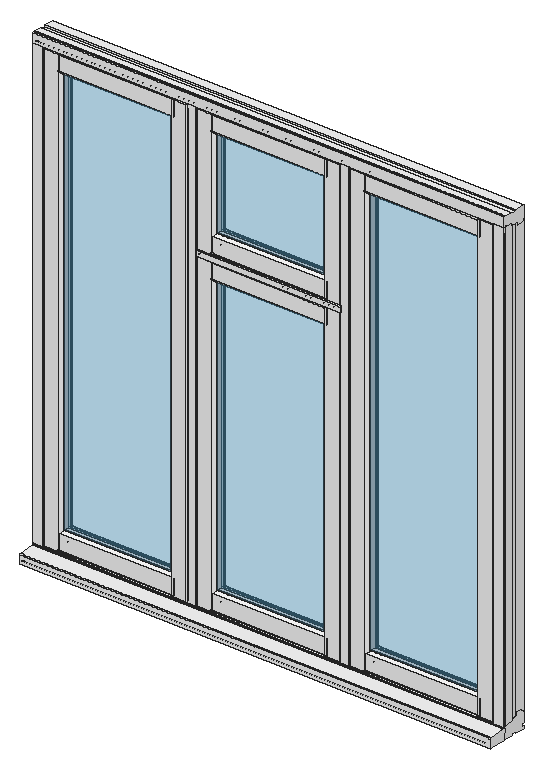
Revit family "C31", category Generic Models, Revit 2012 (continued)
Automatic sketch dimensions
  Sweep 29 sketch curve to Sweep 29 sketch curve = 10 mm
  Sweep 29 sketch curve to profile plane = 8 mm
  profile plane to Sweep 29 sketch curve = 8 mm
  Sweep 30 sketch curve to plane 11 = 12.9 mm
  plane 20 to Sweep 30 sketch curve = 52.2 mm
  Sweep 30 sketch curve to plane 13 = 44.187 mm
  Sweep 30 sketch curve to plane 17 = 52.559 mm
  Sweep 30 sketch curve to profile plane = 0 mm
  Sweep 30 sketch curve to profile plane = 8 mm
  profile plane to Sweep 30 sketch curve = 15.893 mm
  Sweep 30 sketch curve to Sweep 30 sketch curve = 3 mm  (x3)
  Sweep 30 sketch curve to Sweep 30 sketch curve = 4 mm  (x2)
  profile plane to Sweep 30 sketch curve = 4.893 mm
  Sweep 30 sketch curve to profile plane = 0.107 mm
  plane 20 to Extrusion 31 sketch curve = 56.227 mm
  Extrusion 31 sketch curve to Extrusion 31 sketch curve = 0.866 mm
  Extrusion 31 sketch curve to plane 13 = 48.08 mm
  plane 1 "Center (Front/Back)" to Extrusion 31 sketch curve = 8.984 mm
  Extrusion 31 sketch curve to Extrusion 31 sketch curve = 0 mm
  Extrusion 31 sketch curve to Extrusion 31 sketch curve = 4 mm  (x2)
  Extrusion 31 sketch curve to Extrusion 31 sketch curve = 16 mm
  Sweep 32 sketch curve to plane 11 = 9 mm
  plane 20 to Sweep 32 sketch curve = 56.227 mm
  Sweep 32 sketch curve to plane 13 = 48.08 mm
  Sweep 32 sketch curve to plane 17 = 56 mm
  profile plane to Sweep 32 sketch curve = 0 mm
  profile plane to Sweep 32 sketch curve = 10 mm
  Sweep 32 sketch curve to profile plane = 8 mm
  profile plane to Sweep 32 sketch curve = 8 mm
  Extrusion 33 sketch curve to plane 20 = 0 mm
  plane 20 to Extrusion 33 sketch curve = 3 mm
  plane 9 to Extrusion 33 sketch curve = 20.384 mm
  Extrusion 33 sketch curve to Extrusion 33 sketch curve = 2 mm  (x4)
  Extrusion 33 sketch curve to Extrusion 33 sketch curve = 3 mm  (x2)
  Extrusion 33 sketch curve to Extrusion 33 sketch curve = 10 mm  (x2)
  Extrusion 33 sketch curve to Extrusion 33 sketch curve = 11 mm
  plane 1 "Center (Front/Back)" to Extrusion 33 sketch curve = 7.616 mm
  Extrusion 33 sketch curve to plane 15 = 6.601 mm
  plane 20 to Extrusion 33 sketch curve = 8 mm
  Extrusion 33 sketch curve to Extrusion 33 sketch curve = 42 mm
  Extrusion 33 sketch curve to Extrusion 33 sketch curve = 6 mm
  Extrusion 34 sketch curve to plane 17 = 2.943 mm  (x2)
  plane 9 to Extrusion 34 sketch curve = 20.5 mm
  plane 17 to Extrusion 34 sketch curve = 0.057 mm
  Extrusion 34 sketch curve to Extrusion 34 sketch curve = 2 mm  (x4)
  Extrusion 34 sketch curve to Extrusion 34 sketch curve = 10 mm  (x2)
  Extrusion 34 sketch curve to Extrusion 34 sketch curve = 11 mm
  plane 1 "Center (Front/Back)" to Extrusion 34 sketch curve = 7.5 mm
  Extrusion 34 sketch curve to plane 15 = 6.485 mm
  Extrusion 34 sketch curve to Extrusion 34 sketch curve = 3 mm
  Extrusion 34 sketch curve to plane 17 = 7.943 mm
  Extrusion 34 sketch curve to Extrusion 34 sketch curve = 42 mm
  Extrusion 34 sketch curve to Extrusion 34 sketch curve = 6 mm
  Sweep 35 sketch curve to plane 11 = 12.9 mm
  Sweep 35 sketch curve to plane 19 = 52.12 mm
  plane 25 to Sweep 35 sketch curve = 84.1 mm
  Sweep 35 sketch curve to plane 17 = 52.1 mm
  Sweep 35 sketch curve to profile plane = 0 mm
  Sweep 35 sketch curve to profile plane = 8 mm
  profile plane to Sweep 35 sketch curve = 15.893 mm
  Sweep 35 sketch curve to Sweep 35 sketch curve = 3 mm  (x3)
  Sweep 35 sketch curve to Sweep 35 sketch curve = 4 mm  (x2)
  profile plane to Sweep 35 sketch curve = 4.893 mm
  Sweep 35 sketch curve to profile plane = 0.107 mm
  plane 1 "Center (Front/Back)" to Extrusion 36 sketch curve = 8.984 mm
  Extrusion 36 sketch curve to plane 19 = 56.013 mm
  Extrusion 36 sketch curve to Extrusion 36 sketch curve = 0 mm  (x2)
  plane 1 "Center (Front/Back)" to Extrusion 36 sketch curve = 28.984 mm
  plane 25 to Extrusion 36 sketch curve = 88.993 mm
  Extrusion 36 sketch curve to Extrusion 36 sketch curve = 4 mm  (x2)
  Sweep 37 sketch curve to plane 11 = 9.007 mm
  Sweep 37 sketch curve to plane 19 = 56.013 mm
  plane 25 to Sweep 37 sketch curve = 88 mm
  Sweep 37 sketch curve to plane 17 = 55.943 mm
  profile plane to Sweep 37 sketch curve = 0 mm
  profile plane to Sweep 37 sketch curve = 10 mm
  Sweep 37 sketch curve to profile plane = 8 mm
  profile plane to Sweep 37 sketch curve = 8 mm
  Extrusion 38 sketch curve to plane 25 = 0 mm  (x4)
  plane 9 to Extrusion 38 sketch curve = 19.384 mm
  Extrusion 38 sketch curve to Extrusion 38 sketch curve = 4 mm  (x2)
  plane 25 to Extrusion 38 sketch curve = 2 mm
  Extrusion 38 sketch curve to Extrusion 38 sketch curve = 2 mm  (x3)
  Extrusion 38 sketch curve to Extrusion 38 sketch curve = 7 mm  (x3)
  plane 1 "Center (Front/Back)" to Extrusion 38 sketch curve = 7.616 mm  (x2)
  Extrusion 38 sketch curve to plane 24 = 2 mm
  Extrusion 38 sketch curve to plane 1 "Center (Front/Back)" = 0.384 mm  (x2)
  Extrusion 38 sketch curve to Extrusion 38 sketch curve = 3 mm  (x3)
  Extrusion 38 sketch curve to plane 1 "Center (Front/Back)" = 3.384 mm
  Extrusion 38 sketch curve to plane 15 = 3.601 mm  (x2)
  plane 15 to Extrusion 38 sketch curve = 0.399 mm  (x2)
  Extrusion 38 sketch curve to plane 24 = 3 mm
  plane 15 to Extrusion 38 sketch curve = 16.399 mm
  Extrusion 38 sketch curve to Extrusion 38 sketch curve = 16 mm
  Extrusion 38 sketch curve to Extrusion 38 sketch curve = 10 mm  (x2)
  Extrusion 38 sketch curve to plane 24 = 16 mm
  Extrusion 38 sketch curve to plane 24 = 4 mm
  Extrusion 38 sketch curve to Extrusion 38 sketch curve = 1 mm  (x3)
  Extrusion 38 sketch curve to Extrusion 38 sketch curve = 22 mm
  Extrusion 38 sketch curve to Extrusion 38 sketch curve = 0 mm  (x2)
  Extrusion 38 sketch curve to Extrusion 38 sketch curve = 6 mm
  Extrusion 38 sketch curve to Extrusion 38 sketch curve = 8 mm
  Extrusion 39 sketch curve to plane 14 = 0 mm  (x2)
  plane 9 to Extrusion 39 sketch curve = 20.5 mm
  Extrusion 39 sketch curve to Extrusion 39 sketch curve = 3 mm  (x2)
  Extrusion 39 sketch curve to Extrusion 39 sketch curve = 2 mm  (x2)
  plane 11 to Extrusion 39 sketch curve = 3 mm
  Extrusion 39 sketch curve to Extrusion 39 sketch curve = 10 mm
  plane 14 to Extrusion 39 sketch curve = 2 mm
  Extrusion 39 sketch curve to Extrusion 39 sketch curve = 11 mm
  plane 1 "Center (Front/Back)" to Extrusion 39 sketch curve = 7.5 mm
  plane 14 to Extrusion 39 sketch curve = 3 mm
  Extrusion 39 sketch curve to plane 15 = 6.485 mm
  Extrusion 39 sketch curve to plane 14 = 9 mm
  Extrusion 39 sketch curve to plane 11 = 13 mm
  Extrusion 39 sketch curve to plane 11 = 7 mm
  Extrusion 40 sketch curve to plane 19 = 3.013 mm
  plane 9 to Extrusion 40 sketch curve = 20.384 mm
  Extrusion 40 sketch curve to plane 19 = 0.013 mm
  Extrusion 40 sketch curve to Extrusion 40 sketch curve = 2 mm  (x4)
  Extrusion 40 sketch curve to Extrusion 40 sketch curve = 3 mm  (x2)
  Extrusion 40 sketch curve to Extrusion 40 sketch curve = 10 mm  (x2)
  Extrusion 40 sketch curve to Extrusion 40 sketch curve = 11 mm
  plane 1 "Center (Front/Back)" to Extrusion 40 sketch curve = 7.616 mm
  Extrusion 40 sketch curve to plane 15 = 6.601 mm
  Extrusion 40 sketch curve to plane 19 = 8.013 mm
  Extrusion 40 sketch curve to Extrusion 40 sketch curve = 42 mm
  Extrusion 40 sketch curve to Extrusion 40 sketch curve = 6 mm
  plane 9 to Extrusion 41 sketch curve = 20.384 mm
  Extrusion 41 sketch curve to Extrusion 41 sketch curve = 3 mm  (x3)
  Extrusion 41 sketch curve to Extrusion 41 sketch curve = 2 mm  (x4)
  Extrusion 41 sketch curve to Extrusion 41 sketch curve = 10 mm  (x2)
  Extrusion 41 sketch curve to Extrusion 41 sketch curve = 11 mm
  plane 1 "Center (Front/Back)" to Extrusion 41 sketch curve = 7.616 mm
  Extrusion 41 sketch curve to plane 15 = 6.601 mm
  plane 25 to Extrusion 41 sketch curve = 32 mm
  Extrusion 41 sketch curve to Extrusion 41 sketch curve = 5 mm
  Extrusion 41 sketch curve to Extrusion 41 sketch curve = 41 mm
  Extrusion 41 sketch curve to Extrusion 41 sketch curve = 6 mm
  plane 5 to Sweep 42 sketch curve = 0 mm
  Sweep 42 sketch curve to plane 16 = 0 mm
  Sweep 42 sketch curve to level = 0 mm
  Sweep 42 sketch curve to profile plane = 0 mm  (x3)
  Sweep 42 sketch curve to profile plane = 47 mm
  Sweep 42 sketch curve to Sweep 42 sketch curve = 3 mm  (x2)
  Sweep 42 sketch curve to Sweep 42 sketch curve = 10 mm
  Sweep 42 sketch curve to Sweep 42 sketch curve = 16 mm
  Sweep 42 sketch curve to Sweep 42 sketch curve = 4 mm
  Sweep 42 sketch curve to profile plane = 5 mm
  Sweep 42 sketch curve to profile plane = 10 mm
  Sweep 42 sketch curve to profile plane = 4 mm
  Sweep 42 sketch curve to profile plane = 1 mm
  profile plane to Sweep 42 sketch curve = 7 mm
  profile plane to Sweep 42 sketch curve = 10 mm
  Sweep 42 sketch curve to Sweep 42 sketch curve = 24.08 mm
  Sweep 42 sketch curve to Sweep 42 sketch curve = 0.647 mm
  Sweep 42 sketch curve to Sweep 42 sketch curve = 2.999 mm
  Sweep 42 sketch curve to Sweep 42 sketch curve = 26 mm
  Sweep 42 sketch curve to Sweep 42 sketch curve = 6.921 mm
  Sweep 42 sketch curve to Sweep 42 sketch curve = 2 mm
  Sweep 42 sketch curve to Sweep 42 sketch curve = 0.995 mm
  Sweep 42 sketch curve to Sweep 42 sketch curve = 5 mm
  Sweep 42 sketch curve to profile plane = 2 mm
  Sweep 42 sketch curve to Sweep 42 sketch curve = 31 mm
  Sweep 42 sketch curve to Sweep 42 sketch curve = 0.071 mm
  Sweep 42 sketch curve to Sweep 42 sketch curve = 0.17 mm
  Sweep 42 sketch curve to Sweep 42 sketch curve = 0 mm  (x3)
  Sweep 42 sketch curve to Sweep 42 sketch curve = 7 mm
  Sweep 42 sketch curve to Sweep 42 sketch curve = 8 mm
  Sweep 42 sketch curve to Sweep 42 sketch curve = 12 mm
  Sweep 43 sketch curve to plane 7 = 0 mm
  Sweep 43 sketch curve to plane 16 = 0 mm
  Sweep 43 sketch curve to level = 0 mm
  Sweep 43 sketch curve to profile plane = 0 mm  (x3)
  Sweep 43 sketch curve to profile plane = 47 mm
  Sweep 43 sketch curve to Sweep 43 sketch curve = 3 mm  (x3)
  Sweep 43 sketch curve to Sweep 43 sketch curve = 10 mm
  Sweep 43 sketch curve to Sweep 43 sketch curve = 16 mm
  Sweep 43 sketch curve to Sweep 43 sketch curve = 4 mm
  profile plane to Sweep 43 sketch curve = 5 mm
  Sweep 43 sketch curve to profile plane = 10 mm
  Sweep 43 sketch curve to profile plane = 4 mm
  Sweep 43 sketch curve to profile plane = 1 mm
  profile plane to Sweep 43 sketch curve = 7 mm
  profile plane to Sweep 43 sketch curve = 10 mm
  Sweep 43 sketch curve to Sweep 43 sketch curve = 24.08 mm
  Sweep 43 sketch curve to Sweep 43 sketch curve = 0.647 mm
  Sweep 43 sketch curve to Sweep 43 sketch curve = 2.999 mm
  Sweep 43 sketch curve to Sweep 43 sketch curve = 26 mm
  Sweep 43 sketch curve to Sweep 43 sketch curve = 6.921 mm
  Sweep 43 sketch curve to Sweep 43 sketch curve = 2 mm
  Sweep 43 sketch curve to Sweep 43 sketch curve = 2.995 mm
  Sweep 43 sketch curve to Sweep 43 sketch curve = 5 mm
  profile plane to Sweep 43 sketch curve = 33 mm
  Sweep 43 sketch curve to Sweep 43 sketch curve = 0.071 mm
  Sweep 43 sketch curve to Sweep 43 sketch curve = 0.17 mm
  Sweep 43 sketch curve to Sweep 43 sketch curve = 0 mm  (x3)
  Sweep 43 sketch curve to Sweep 43 sketch curve = 7 mm
  Sweep 43 sketch curve to Sweep 43 sketch curve = 8 mm
  profile plane to Sweep 43 sketch curve = 2 mm
  Sweep 44 sketch curve to plane 5 = 0 mm
  Sweep 44 sketch curve to plane 7 = 0 mm
  plane 1 "Center (Front/Back)" to Sweep 44 sketch curve = 1.015 mm
  Sweep 44 sketch curve to level = 5 mm
  profile plane to Sweep 44 sketch curve = 132 mm
  Sweep 44 sketch curve to Sweep 44 sketch curve = 2.63 mm
  Sweep 44 sketch curve to Sweep 44 sketch curve = 3 mm  (x5)
  level to Sweep 44 sketch curve = 30.977 mm
  Sweep 44 sketch curve to Sweep 44 sketch curve = 25 mm
  level to Sweep 44 sketch curve = 33.978 mm
  Sweep 44 sketch curve to Sweep 44 sketch curve = 25.006 mm
  Sweep 44 sketch curve to Sweep 44 sketch curve = 32.364 mm
  Sweep 44 sketch curve to Sweep 44 sketch curve = 2 mm  (x2)
  profile plane to Sweep 44 sketch curve = 5 mm
  Sweep 44 sketch curve to profile plane = 18 mm
  Sweep 44 sketch curve to Sweep 44 sketch curve = 0 mm
  Sweep 44 sketch curve to Sweep 44 sketch curve = 6 mm
  Sweep 44 sketch curve to Sweep 44 sketch curve = 10 mm  (x2)
  Sweep 44 sketch curve to Sweep 44 sketch curve = 11 mm
  level to Sweep 44 sketch curve = 25 mm
  Sweep 44 sketch curve to Sweep 44 sketch curve = 4.022 mm
  Sweep 44 sketch curve to Sweep 44 sketch curve = 5 mm  (x2)
  Sweep 44 sketch curve to Sweep 44 sketch curve = 1 mm  (x2)
Types (3, lengths in mm): name | Width | Height | GlazingPanelMaterial | Floor Material
  Window Sill drawing | 1778 | 1770 | Glass | White
  Access Manager | 1250 | 1250 | none | none
  window family | 1778 | 1770 | Glass | 1.12A ANCHOR FIXING
